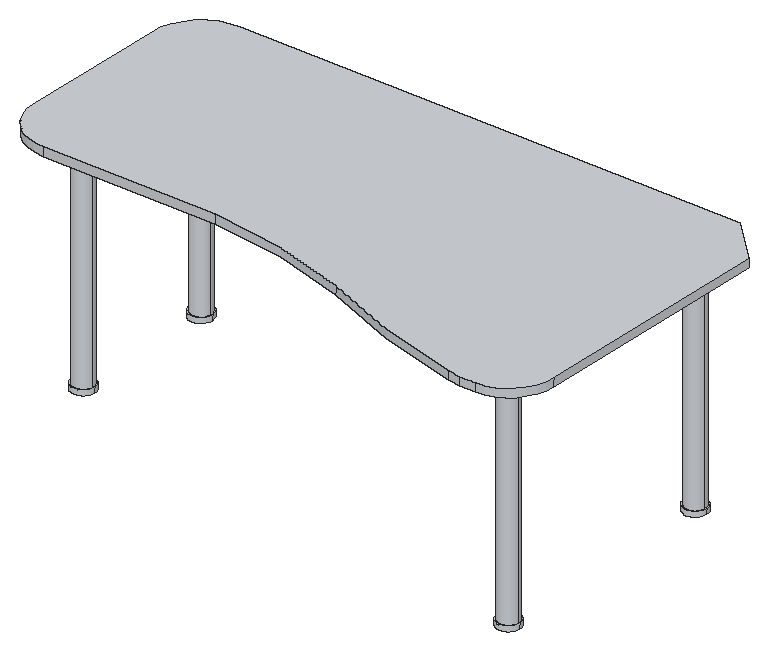
Revit family
Parameters (values of type "1800 x 1010")
  Material Table = none
  Model = "Corner table"
  Manufacturer = "Revit"
  Material Leg = none
  Keynote = "N"
  Description = "Desk"
  Assembly Code = "E2020200"
Reference planes
  plane 1 "Center (Front/Back)": y = 0
  plane 2: z = 0
  plane 3 "Center (Left/Right)": x = 0
  plane 4: y = -209.149
  plane 5: y = 242.952
  plane 6: y = -469.892
  plane 7: x = 733.62
  plane 8: x = -774.43
Forms (mm)
  Extrusion 1, solid, material <- "Material Table"
    sketch origin (0, 0, 0) x (1, 0, 0) y (0, 1, 0)
      loop
        arc (-774.43, 391.901) -> (-879.754, 348.275) -> (-923.38, 242.952) r 148.95
        line (-923.38, 242.952) -> (-923.38, -209.149)
        arc (-923.38, -209.149) -> (-879.754, -314.473) -> (-774.43, -358.099) r 148.95
        line (-774.43, -358.099) -> (-253.279, -358.099)
        arc (-253.279, -358.099) -> (-27.368, -386.002) -> (191.243, -449.433) r 1428.583
        arc (191.243, -449.433) -> (420.096, -540.376) -> (657.97, -604.095) r 2114.459
        arc (657.97, -604.095) -> (677.481, -607.095) -> (697.196, -608.099) r 194.135
        line (697.196, -608.099) -> (743.206, -608.099)
        arc (743.206, -608.099) -> (837.544, -569.023) -> (876.62, -474.685) r 133.414
        line (876.62, -474.685) -> (876.62, 266.047) -> (750.766, 391.901) -> (-774.43, 391.901)
    from 700 to 725
Lines and regions (mm)
  Masking region 1
    outline origin (0, 0, 0) x (1, 0, 0) y (0, 1, 0)
      loop
        line (697.196, -608.099) -> (743.206, -608.099)
        arc (743.206, -608.099) -> (837.544, -569.023) -> (876.62, -474.685) r 133.414
        line (876.62, -474.685) -> (876.62, 266.047) -> (750.766, 391.901) -> (-774.43, 391.901)
        arc (-774.43, 391.901) -> (-879.754, 348.275) -> (-923.38, 242.952) r 148.95
        line (-923.38, 242.952) -> (-923.38, -209.149)
        arc (-923.38, -209.149) -> (-879.754, -314.473) -> (-774.43, -358.099) r 148.95
        line (-774.43, -358.099) -> (-253.279, -358.099)
        arc (-253.279, -358.099) -> (-27.368, -386.002) -> (191.243, -449.433) r 1428.583
        arc (191.243, -449.433) -> (420.096, -540.376) -> (657.97, -604.095) r 2114.459
        arc (657.97, -604.095) -> (677.481, -607.095) -> (697.196, -608.099) r 194.135
Dimensions and locks
  aligned and locked: Extrusion 1 to nested 1
  aligned: Masking region 1 sketch curve to Extrusion 1
Nested families
  nested 1: "Leg" at (-774.43, -206.541, 0), type "Height 700mm"
  nested 2: "Leg" at (733.62, -469.892, 0) x (-1, 0, 0) z (0, 0, 1), type "Height 700mm"
  nested 3: "Leg" at (733.62, 242.952, 0) x (-1, 0, 0) z (0, 0, 1), type "Height 700mm"
  nested 4: "Leg" at (-774.43, 242.952, 0) x (-1, 0, 0) z (0, 0, 1), type "Height 700mm"
Definition of nested family "Leg"
  Parameters (values of type "Height 700mm")
    Model = "Abacus"
    Manufacturer = "LM"
    Leg Material = none
    Description = "Table Leg"
    Assembly Code = "E2020200"
  Reference planes
    plane 1 "Center (Front/Back)": y = 0
    plane 2: z = 0
    plane 3 "Center (Left/Right)": x = 0
  Forms (mm)
    Revolve 1, solid, material <- "Leg Material"
      sketch origin (0, 0, 0) x (1, 0, 0) y (0, 0, 1)
        loop
          line (0, 15) -> (0, 700) -> (-43, 700) -> (-33, 650) -> (-30, 650) -> (-30, 15) -> (0, 15)
        axis (0, 15) -> (0, 700)
      angle from 0 to 360
    Extrusion 2, solid, material <- "Leg Material"
      sketch origin (0, 0, 0) x (1, 0, 0) y (0, 1, 0)
        loop
          circle (0, 0) r 35
      from 0 to 15
  Dimensions and locks
    aligned and locked: plane 3 "Center (Left/Right)" to Revolve 1 sketch curve
    aligned and locked: Revolve 1 to Extrusion 2
